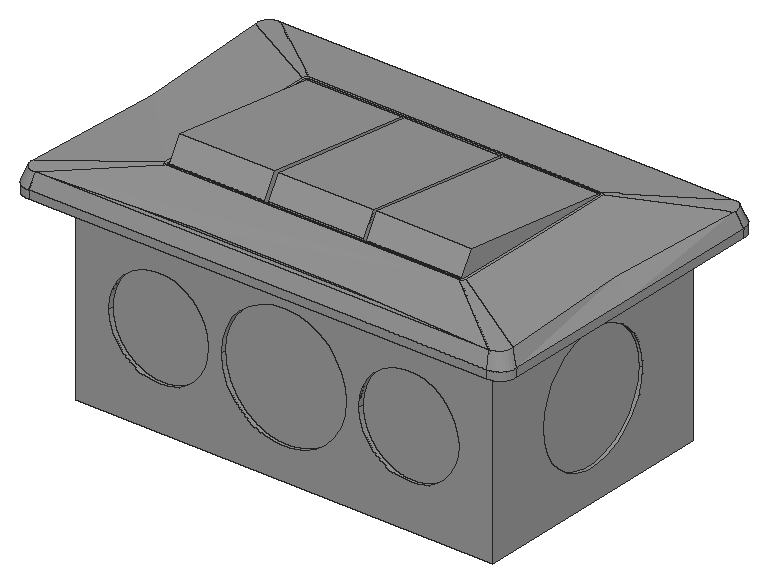
Revit family "PLACA VETO OSLO", category Electrical Fixtures, host Face, Revit 2023 (continued)
Nested families
  nested 38: "SIMBOLO TIMBRE" at (-279, 0, 155.811) x (0, -1, 0) z (1, 0, 0), visible <- "SIMB TIMBRE", type "SIMBOLO TIMBRE", detail levels coarse
  nested 39: "SIMBOLO INTERRUPTOR - MEXICO" at (279, 0, 0), visible <- "INT SIMB TRIPLE MEX", type "SIMBOLO INTERRUPTOR - MEXICO", detail levels coarse
  nested 40: "SIMBOLO INTERRUPTOR - MEXICO" at (-279, 0, 0), visible <- "INT SIMB DOBLE MEX", type "SIMBOLO INTERRUPTOR - MEXICO", detail levels coarse
  nested 41: "SIMBOLO INTERRUPTOR - MEXICO" at (0, 0, 0), visible <- "INT SIMB SIMPLE MEX", type "SIMBOLO INTERRUPTOR - MEXICO", detail levels coarse
  nested 42: "SIMBOLO CONMUTADOR - MEXICO" at (0, 0, 0), visible <- "COM SIMB SIMPLE MEX", type "SIMBOLO CONMUTADOR - MEXICO", detail levels coarse
  nested 43: "SIMBOLO CONMUTADOR - MEXICO" at (279, 0, 0), visible <- "COM SIMB TRIPLE MEX", type "SIMBOLO CONMUTADOR - MEXICO", detail levels coarse
  nested 44: "SIMBOLO CONMUTADOR - MEXICO" at (-279, 0, 0), visible <- "COM SIMB DOBLE MEX", type "SIMBOLO CONMUTADOR - MEXICO", detail levels coarse
  nested 45: "SIMBOLO INTERRUPTOR - MEXICO" at (0, 0, 155.811) x (-1, 0, 0) z (0, -1, 0), visible <- "INT SIMB SIMPLE MEX", type "SIMBOLO INTERRUPTOR - MEXICO", detail levels coarse
  nested 46: "SIMBOLO INTERRUPTOR - MEXICO" at (-279, 0, 155.811) x (-1, 0, 0) z (0, -1, 0), visible <- "INT SIMB DOBLE MEX", type "SIMBOLO INTERRUPTOR - MEXICO", detail levels coarse
  nested 47: "SIMBOLO INTERRUPTOR - MEXICO" at (279, 0, 155.811) x (-1, 0, 0) z (0, -1, 0), visible <- "INT SIMB TRIPLE MEX", type "SIMBOLO INTERRUPTOR - MEXICO", detail levels coarse
  nested 48: "SIMBOLO CONMUTADOR - MEXICO" at (-279, 0, 155.811) x (-1, 0, 0) z (0, -1, 0), visible <- "COM SIMB DOBLE MEX", type "SIMBOLO CONMUTADOR - MEXICO", detail levels coarse
  nested 49: "SIMBOLO CONMUTADOR - MEXICO" at (0, 0, 155.811) x (-1, 0, 0) z (0, -1, 0), visible <- "COM SIMB SIMPLE MEX", type "SIMBOLO CONMUTADOR - MEXICO", detail levels coarse
  nested 50: "SIMBOLO CONMUTADOR - MEXICO" at (279, 0, 155.811) x (-1, 0, 0) z (0, -1, 0), visible <- "COM SIMB TRIPLE MEX", type "SIMBOLO CONMUTADOR - MEXICO", detail levels coarse
  nested 51: "SIMBOLO CONMUTADOR - MEXICO" at (-279, 218, 155.811) x (0, 1, 0) z (1, 0, 0), visible <- "COM SIMB TRIPLE MEX", type "SIMBOLO CONMUTADOR - MEXICO", detail levels coarse
  nested 52: "SIMBOLO CONMUTADOR - MEXICO" at (-279, -218, 155.811) x (0, 1, 0) z (1, 0, 0), visible <- "COM SIMB DOBLE MEX", type "SIMBOLO CONMUTADOR - MEXICO", detail levels coarse
  nested 53: "SIMBOLO CONMUTADOR - MEXICO" at (-279, 0, 155.811) x (0, 1, 0) z (1, 0, 0), visible <- "COM SIMB SIMPLE MEX", type "SIMBOLO CONMUTADOR - MEXICO", detail levels coarse
  nested 54: "SIMBOLO INTERRUPTOR - MEXICO" at (-279, 218, 155.811) x (0, 1, 0) z (1, 0, 0), visible <- "INT SIMB TRIPLE MEX", type "SIMBOLO INTERRUPTOR - MEXICO", detail levels coarse
  nested 55: "SIMBOLO INTERRUPTOR - MEXICO" at (-279, -218, 155.811) x (0, 1, 0) z (1, 0, 0), visible <- "INT SIMB DOBLE MEX", type "SIMBOLO INTERRUPTOR - MEXICO", detail levels coarse
  nested 56: "SIMBOLO INTERRUPTOR - MEXICO" at (-279, 0, 155.811) x (0, 1, 0) z (1, 0, 0), visible <- "INT SIMB SIMPLE MEX", type "SIMBOLO INTERRUPTOR - MEXICO", detail levels coarse
  nested 57: "SIMBOLO TIMBRE MEXICO" at (0, 0, 0), visible <- "SIMB TIMBRE MEX", type "SIMBOLO TIMBRE MEXICO", detail levels coarse
  nested 58: "SIMBOLO TIMBRE MEXICO" at (-279, 0, 155.811) x (0, 1, 0) z (1, 0, 0), visible <- "SIMB TIMBRE MEX", type "SIMBOLO TIMBRE MEXICO", detail levels coarse
  nested 59: "SIMBOLO TIMBRE MEXICO" at (0, 0, 155.811) x (-1, 0, 0) z (0, -1, 0), visible <- "SIMB TIMBRE MEX", type "SIMBOLO TIMBRE MEXICO", detail levels coarse
  nested 60: "TOMACORRIENTES DOBLE" at (0, 0, 0), visible <- "TOMA DOBLE", type "TOMACORRIENTES DOBLE", detail levels medium+fine
  nested 61: "SIMBOLO TOMACORRIENTE PISO" at (0, 0, 8), visible <- "TOMA SIMB PISO", type "SIMBOLO TOMACORRIENTE PISO", detail levels coarse
  nested 62: "SIMBOLO TOMACORRIENTE PARED - COLOMBIA" at (0, 0, 8), visible <- "TOMA SIMB PARED COL", type "SIMBOLO TOMACORRIENTE PARED - COLOMBIA", detail levels coarse
  nested 63: "SIMBOLO TOMACORRIENTE PARED - COLOMBIA" at (0, -29, 155.811) x (1, 0, 0) z (0, -1, 0), visible <- "TOMA SIMB PARED COL", type "SIMBOLO TOMACORRIENTE PARED - COLOMBIA", detail levels coarse
  nested 64: "SIMBOLO TOMACORRIENTE PISO" at (0, -29, 108) x (1, 0, 0) z (0, -1, 0), visible <- "TOMACORRIENTE EN PISO", type "SIMBOLO TOMACORRIENTE PISO", detail levels coarse
  nested 65: "SIMBOLO TOMACORRIENTE PISO" at (0, 0, 155.811) x (0, 0, 1) z (1, 0, 0), visible <- "TOMACORRIENTE EN PISO", type "SIMBOLO TOMACORRIENTE PISO", detail levels coarse
  nested 66: "SIMBOLO TOMACORRIENTE PARED - COLOMBIA" at (0, 0, 155.811) x (0, 0, -1) z (1, 0, 0), visible <- "TOMA SIMB PARED COL", type "SIMBOLO TOMACORRIENTE PARED - COLOMBIA", detail levels coarse
  nested 67: "TOMACORRIENTES SIMPLE" at (-17.75, 0, 0), visible <- "PLACA MIXTA TOMA", type "TOMACORRIENTES SIMPLE", detail levels medium+fine
    with MATERIAL_2 PLASTICO NEGRO, MATERIAL_1 PLASTICO BLANCO
  nested 68: "TOMACORRIENTES GFCI" at (0, 0, 0), visible <- "TOMA GFCI", type "TOMACORRIENTES GFCI", detail levels medium+fine
    with MATERIAL_2 TERMOPOLIMERO NEGRO, MATERIAL_1 TERMOPOLIMERO BLANCO
  nested 69: "SIMBOLO CONMUTADOR - COLOMBIA" at (-419, 0, 0), visible <- "COM SIMB DOBLE COL", type "SIMBOLO CONMUTADOR - COLOMBIA", detail levels coarse
  nested 70: "SIMBOLO CONMUTADOR TRIPLE - ECUADOR" at (0, 0, 0), visible <- "COM SIMB TRIPLE ECU", type "SIMBOLO CONMUTADOR TRIPLE - ECUADOR", detail levels coarse
  nested 71: "SIMBOLO CONMUTADOR DOBLE - ECUADOR" at (0, 0, 0), visible <- "COM SIMB DOBLE ECU", type "SIMBOLO CONMUTADOR DOBLE - ECUADOR", detail levels coarse
  nested 72: "SIMBOLO CONMUTADOR SIMPLE - ECUADOR" at (0, 0, 0), visible <- "COM SIMB SIMPLE ECU", type "SIMBOLO CONMUTADOR SIMPLE - ECUADOR", detail levels coarse
  nested 73: "SIMBOLO CONMUTADOR TRIPLE - ECUADOR" at (0, 0, 155.811) x (1, 0, 0) z (0, -1, 0), visible <- "COM SIMB TRIPLE ECU", type "SIMBOLO CONMUTADOR TRIPLE - ECUADOR", detail levels coarse
  nested 74: "SIMBOLO CONMUTADOR SIMPLE - ECUADOR" at (0, 0, 155.811) x (1, 0, 0) z (0, -1, 0), visible <- "COM SIMB SIMPLE ECU", type "SIMBOLO CONMUTADOR SIMPLE - ECUADOR", detail levels coarse
  nested 75: "SIMBOLO CONMUTADOR DOBLE - ECUADOR" at (0, 0, 155.811) x (1, 0, 0) z (0, -1, 0), visible <- "COM SIMB DOBLE ECU", type "SIMBOLO CONMUTADOR DOBLE - ECUADOR", detail levels coarse
  nested 76: "SIMBOLO CONMUTADOR DOBLE - ECUADOR" at (0, 0, 155.811) x (0, 1, 0) z (1, 0, 0), visible <- "COM SIMB DOBLE ECU", type "SIMBOLO CONMUTADOR DOBLE - ECUADOR", detail levels coarse
  nested 77: "SIMBOLO CONMUTADOR SIMPLE - ECUADOR" at (0, 0, 155.811) x (0, 1, 0) z (1, 0, 0), visible <- "COM SIMB SIMPLE ECU", type "SIMBOLO CONMUTADOR SIMPLE - ECUADOR", detail levels coarse
  nested 78: "SIMBOLO CONMUTADOR TRIPLE - ECUADOR" at (0, 0, 155.811) x (0, 1, 0) z (1, 0, 0), visible <- "COM SIMB TRIPLE ECU", type "SIMBOLO CONMUTADOR TRIPLE - ECUADOR", detail levels coarse
  nested 79: "SIMBOLO TOMACORRIENTE PARED - ECUADOR" at (0, 0, 0), visible <- "TOMA SIMB PARED ECU", type "SIMBOLO TOMACORRIENTE PARED - ECUADOR", detail levels coarse
  nested 80: "SIMBOLO TOMACORRIENTE PARED - ECUADOR" at (0, -30, 155.811) x (1, 0, 0) z (0, -1, 0), visible <- "TOMA SIMB PARED ECU", type "SIMBOLO TOMACORRIENTE PARED - ECUADOR", detail levels coarse
  nested 81: "SIMBOLO TOMACORRIENTE PARED - ECUADOR" at (50, 0, 155.811) x (0, 0, -1) z (1, 0, 0), visible <- "TOMA SIMB PARED ECU", type "SIMBOLO TOMACORRIENTE PARED - ECUADOR", detail levels coarse
  nested 82: "SIMBOLO INTERRUPTOR SIMPLE" at (279, 0, 8), visible <- "INT SIMB MIXTO ECU", type "SIMBOLO INTERRUPTOR SIMPLE", detail levels coarse
  nested 83: "SIMBOLO INTERRUPTOR SIMPLE" at (-279, -30, 155.811) x (-1, 0, 0) z (0, -1, 0), visible <- "INT SIMB MIXTO ECU", type "SIMBOLO INTERRUPTOR SIMPLE", detail levels coarse
  nested 84: "SIMBOLO INTERRUPTOR SIMPLE" at (1219.2, 218, 155.811) x (0, 1, 0) z (1, 0, 0), visible <- "INT SIMB MIXTO ECU", type "SIMBOLO INTERRUPTOR SIMPLE", detail levels coarse
  nested 85: "SIMBOLO TOMACORRIENTE PARED - MEXICO" at (0, 0, 0), visible <- "TOMA SIMB PARED MEX", type "SIMBOLO TOMACORRIENTE PARED - MEXICO", detail levels coarse
  nested 86: "SIMBOLO TOMACORRIENTE PISO - MEXICO" at (0, 0, 0), visible <- "TOMA SIMB PISO MEX", type "SIMBOLO TOMACORRIENTE PISO - MEXICO", detail levels coarse
    with lado 213.218 mm
  nested 87: "SIMBOLO TOMA GFCI PARED - MEXICO" at (0, 0, 0), visible <- "TOMA GFCI SIMB PARED MEX", type "SIMBOLO TOMA GFCI PARED - MEXICO", detail levels coarse
  nested 88: "SIMBOLO TOMA SIMPLE PARED - MEXICO" at (0, 0, 0), visible <- "TOMA MIXTO SIMB PARED MEX", type "SIMBOLO TOMA SIMPLE PARED - MEXICO", detail levels coarse
  nested 89: "SIMBOLO TOMACORRIENTE PISO - MEXICO" at (0, 0, 155.811) x (1, 0, 0) z (0, -1, 0), visible <- "TOMA SIMB PISO MEX", type "SIMBOLO TOMACORRIENTE PISO - MEXICO", detail levels coarse
    with lado 213.218 mm
  nested 90: "SIMBOLO TOMACORRIENTE PARED - MEXICO" at (0, 0, 155.811) x (1, 0, 0) z (0, -1, 0), visible <- "TOMA SIMB PARED MEX", type "SIMBOLO TOMACORRIENTE PARED - MEXICO", detail levels coarse
  nested 91: "SIMBOLO TOMA SIMPLE PARED - MEXICO" at (0, 0, 155.811) x (1, 0, 0) z (0, -1, 0), visible <- "TOMA MIXTO SIMB PARED MEX", type "SIMBOLO TOMA SIMPLE PARED - MEXICO", detail levels coarse
  nested 92: "SIMBOLO TOMA GFCI PARED - MEXICO" at (0, 0, 155.811) x (1, 0, 0) z (0, -1, 0), visible <- "TOMA GFCI SIMB PARED MEX", type "SIMBOLO TOMA GFCI PARED - MEXICO", detail levels coarse
  nested 93: "SIMBOLO TOMA GFCI PARED - MEXICO" at (0, 0, 155.811) x (0, 0, -1) z (1, 0, 0), visible <- "TOMA GFCI SIMB PARED MEX", type "SIMBOLO TOMA GFCI PARED - MEXICO", detail levels coarse
  nested 94: "SIMBOLO TOMA SIMPLE PARED - MEXICO" at (0, 0, 155.811) x (0, 0, -1) z (1, 0, 0), visible <- "TOMA MIXTO SIMB PARED MEX", type "SIMBOLO TOMA SIMPLE PARED - MEXICO", detail levels coarse
  nested 95: "SIMBOLO TOMACORRIENTE PARED - MEXICO" at (0, 0, 155.811) x (0, 0, -1) z (1, 0, 0), visible <- "TOMA SIMB PARED MEX", type "SIMBOLO TOMACORRIENTE PARED - MEXICO", detail levels coarse
  nested 96: "SIMBOLO TOMACORRIENTE PISO - MEXICO" at (0, 0, 155.811) x (0, 1, 0) z (1, 0, 0), visible <- "TOMA SIMB PISO MEX", type "SIMBOLO TOMACORRIENTE PISO - MEXICO", detail levels coarse
    with lado 213.218 mm
  nested 97: "SIMBOLO TOMACORRIENTE PARED - MEXICO" at (0, 0, 0), visible <- "TOMAROT SIMB PARED MEX", type "SIMBOLO TOMACORRIENTE PARED - MEXICO"
  nested 98: "SIMBOLO TOMA GFCI PARED - MEXICO" at (0, 0, 0), visible <- "TOMAROT GFCI SIMB PARED MEX", type "SIMBOLO TOMA GFCI PARED - MEXICO"
  nested 99: "SIMBOLO TOMACORRIENTE PARED - MEXICO" at (0, 0, 155.811) x (0, 0, -1) z (1, 0, 0), visible <- "TOMAROT SIMB PARED MEX", type "SIMBOLO TOMACORRIENTE PARED - MEXICO", detail levels coarse
  nested 100: "SIMBOLO TOMA GFCI PARED - MEXICO" at (0, 0, 155.811) x (0, 0, -1) z (1, 0, 0), visible <- "TOMAROT GFCI SIMB PARED MEX", type "SIMBOLO TOMA GFCI PARED - MEXICO", detail levels coarse
  nested 101: "SIMBOLO TOMACORRIENTE PARED - COLOMBIA" at (0, 0, 0), visible <- "TOMAROT SIMB PARED COL", type "SIMBOLO TOMACORRIENTE PARED - COLOMBIA", detail levels coarse
  nested 102: "SIMBOLO TOMACORRIENTE PARED - COLOMBIA" at (0, 0, 155.811) x (0, 0, -1) z (1, 0, 0), visible <- "TOMAROT SIMB PARED COL", type "SIMBOLO TOMACORRIENTE PARED - COLOMBIA", detail levels coarse
  nested 103: "TELEFONO" at (0, 0, 0), visible <- "TELEFONO", type "TELEFONO", detail levels medium+fine
    with MATERIAL_2 TERMOPOLIMERO NEGRO, MATERIAL_1 TERMOPOLIMERO BLANCO
  nested 104: "TV" at (0, 0, 0), visible <- "TV", type "TV", detail levels medium+fine
    with MATERIAL_2 TERMOPOLIMERO NEGRO, MATERIAL_1 TERMOPOLIMERO BLANCO
  nested 105: "ZUMBADOR" at (0, 0, 0), visible <- "ZUMBADOR", type "ZUMBADOR", detail levels medium+fine
    with MATERIAL_2 TERMOPOLIMERO NEGRO, MATERIAL_1 TERMOPOLIMERO BLANCO
  nested 106: "SIMBOLO ZUMBADOR" at (0, 0, 0), visible <- "ZUMBADOR", type "SIMBOLO ZUMBADOR", detail levels coarse
  nested 107: "SIMBOLO ZUMBADOR" at (-279, 0, 155.811) x (0, 1, 0) z (1, 0, 0), visible <- "ZUMBADOR", type "SIMBOLO ZUMBADOR", detail levels coarse
  nested 108: "SIMBOLO ZUMBADOR" at (0, 0, 155.811) x (1, 0, 0) z (0, -1, 0), visible <- "ZUMBADOR", type "SIMBOLO ZUMBADOR", detail levels coarse
  nested 109: "SIMBOLO TELEFONO - MEXICO" at (0, 0, 0), visible <- "TELF SIMB MEX", type "SIMBOLO TELEFONO - MEXICO", detail levels coarse
  nested 110: "SIMBOLO TELEFONO - COLOMBIA" at (-279, 0, 155.811) x (0, 0, -1) z (1, 0, 0), visible <- "TELF SIMB COL", type "SIMBOLO TELEFONO - COLOMBIA", detail levels coarse
  nested 111: "SIMBOLO TELEFONO - ECUADOR" at (-279, -100, 155.811) x (0, 0, -1) z (1, 0, 0), visible <- "TELF SIMB ECU", type "SIMBOLO TELEFONO - ECUADOR", detail levels coarse
  nested 112: "SIMBOLO TELEFONO - MEXICO" at (-279, 0, 155.811) x (0, 0, -1) z (1, 0, 0), visible <- "TELF SIMB MEX", type "SIMBOLO TELEFONO - MEXICO", detail levels coarse
  nested 113: "SIMBOLO TELEFONO - ECUADOR" at (-279, -100, 155.811) x (0, 0, -1) z (1, 0, 0), visible <- "TELFROT SIMB ECU", type "SIMBOLO TELEFONO - ECUADOR", detail levels coarse
  nested 114: "SIMBOLO TELEFONO - COLOMBIA" at (-279, 0, 155.811) x (0, 0, -1) z (1, 0, 0), visible <- "TELFROT SIMB COL", type "SIMBOLO TELEFONO - COLOMBIA", detail levels coarse
  nested 115: "SIMBOLO TELEFONO - MEXICO" at (0, 0, 155.811) x (1, 0, 0) z (0, -1, 0), visible <- "TELF SIMB MEX", type "SIMBOLO TELEFONO - MEXICO", detail levels coarse
  nested 116: "SIMBOLO TELEFONO - ECUADOR" at (0, -100, 155.811) x (0, 0, 1) z (1, 0, 0), visible <- "TEL ESP SIMB ECU", type "SIMBOLO TELEFONO - ECUADOR", detail levels coarse
  nested 117: "SIMBOLO TELEFONO - COLOMBIA" at (0, 0, 155.811) x (0, 0, 1) z (1, 0, 0), visible <- "TELF ESP SIMB COL", type "SIMBOLO TELEFONO - COLOMBIA", detail levels coarse
  nested 118: "SIMBOLO TELEFONO - COLOMBIA" at (0, 0, 155.811) x (0, 0, 1) z (1, 0, 0), visible <- "TELF ROTESP SIMB COL", type "SIMBOLO TELEFONO - COLOMBIA", detail levels coarse
  nested 119: "SIMBOLO TELEFONO - ECUADOR" at (0, -100, 155.811) x (0, 0, 1) z (1, 0, 0), visible <- "TELF ROTESP SIMB ECU", type "SIMBOLO TELEFONO - ECUADOR", detail levels coarse
  nested 120: "SIMBOLO TV - COLOMBIA" at (0, 0, 0), visible <- "TV SIMB COL", type "SIMBOLO TV - COLOMBIA", detail levels coarse
  nested 121: "SIMBOLO TV - ECUADOR" at (0, 0, 0), visible <- "TV SIMB ECU", type "SIMBOLO TV - ECUADOR", detail levels coarse
  nested 122: "SIMBOLO TV - MEXICO" at (0, 0, 0), visible <- "TV SIMB MEX", built-in parameter 1006206 <- "TV SIMB MEX", type "SIMBOLO TV - MEXICO", detail levels coarse
  nested 123: "SIMBOLO TV - COLOMBIA" at (0, 0, 0), built-in parameter 1006206 <- "TVROT SIMB COL", visible <- "TVROT SIMB COL", type "SIMBOLO TV - COLOMBIA", detail levels coarse
  nested 124: "SIMBOLO TV - ECUADOR" at (0, 0, 0), visible <- "TVROT SIMB ECU", type "SIMBOLO TV - ECUADOR", detail levels coarse
  nested 125: "SIMBOLO TV - MEXICO" at (0, 0, 0), visible <- "TVROT SIMB MEX", type "SIMBOLO TV - MEXICO", detail levels coarse
  nested 126: "SIMBOLO TV - COLOMBIA" at (0, 0, 0), visible <- "TVESP SIMB COL", type "SIMBOLO TV - COLOMBIA", detail levels coarse
  nested 127: "SIMBOLO TV - ECUADOR" at (0, 0, 0), built-in parameter 1006206 <- "TVESP SIMB ECU", visible <- "TVESP SIMB ECU", type "SIMBOLO TV - ECUADOR", detail levels coarse
  nested 128: "SIMBOLO TV - MEXICO" at (0, 0, 0), visible <- "TVESP SIMB MEX", type "SIMBOLO TV - MEXICO", detail levels coarse
  nested 129: "SIMBOLO TV - COLOMBIA" at (0, 0, 0), visible <- "TV ROTESP SIMB COL", type "SIMBOLO TV - COLOMBIA", detail levels coarse
  nested 130: "SIMBOLO TV - ECUADOR" at (0, 0, 0), visible <- "TV ROTESP SIMB ECU", type "SIMBOLO TV - ECUADOR", detail levels coarse
  nested 131: "SIMBOLO TV - MEXICO" at (0, 0, 0), visible <- "TV ROTESP SIMB MEX", type "SIMBOLO TV - MEXICO", detail levels coarse
  nested 132: "SIMBOLO TV - COLOMBIA" at (0, 0, 155.811) x (0, 0, -1) z (1, 0, 0), visible <- "TV SIMB COL", type "SIMBOLO TV - COLOMBIA", detail levels coarse
  nested 133: "SIMBOLO TV - COLOMBIA" at (0, 0, 155.811) x (0, 0, -1) z (1, 0, 0), visible <- "TVROT SIMB COL", type "SIMBOLO TV - COLOMBIA", detail levels coarse
  nested 134: "SIMBOLO TV - ECUADOR" at (0, 0, 155.811) x (0, 0, -1) z (1, 0, 0), visible <- "TV SIMB ECU", type "SIMBOLO TV - ECUADOR", detail levels coarse
  nested 135: "SIMBOLO TV - ECUADOR" at (0, 0, 155.811) x (0, 0, -1) z (1, 0, 0), visible <- "TVROT SIMB ECU", type "SIMBOLO TV - ECUADOR", detail levels coarse
  nested 136: "SIMBOLO TV - MEXICO" at (0, 0, 155.811) x (0, 0, -1) z (1, 0, 0), visible <- "TV SIMB MEX", type "SIMBOLO TV - MEXICO", detail levels coarse
  nested 137: "SIMBOLO TV - MEXICO" at (0, 0, 155.811) x (0, 0, -1) z (1, 0, 0), visible <- "TVROT SIMB MEX", type "SIMBOLO TV - MEXICO", detail levels coarse
  nested 138: "SIMBOLO TV - ECUADOR" at (0, 0, 155.811) x (0, 0, 1) z (1, 0, 0), visible <- "TVESP SIMB ECU", type "SIMBOLO TV - ECUADOR", detail levels coarse
  nested 139: "SIMBOLO TV - COLOMBIA" at (0, 0, 155.811) x (0, 0, 1) z (1, 0, 0), visible <- "TVESP SIMB COL", type "SIMBOLO TV - COLOMBIA", detail levels coarse
  nested 140: "SIMBOLO TV - MEXICO" at (0, 0, 155.811) x (0, 0, 1) z (1, 0, 0), visible <- "TVESP SIMB MEX", type "SIMBOLO TV - MEXICO", detail levels coarse
  nested 141: "SIMBOLO TV - COLOMBIA" at (0, 0, 155.811) x (0, 0, 1) z (1, 0, 0), visible <- "TV ROTESP SIMB COL", type "SIMBOLO TV - COLOMBIA", detail levels coarse
  nested 142: "SIMBOLO TV - ECUADOR" at (0, 0, 155.811) x (0, 0, 1) z (1, 0, 0), visible <- "TV ROTESP SIMB ECU", type "SIMBOLO TV - ECUADOR", detail levels coarse
  nested 143: "SIMBOLO TV - MEXICO" at (0, 0, 155.811) x (0, 0, 1) z (1, 0, 0), visible <- "TV ROTESP SIMB MEX", type "SIMBOLO TV - MEXICO", detail levels coarse
  nested 144: "SIMBOLO CAJA DE PASO - MEXICO" at (0, 0, 0), visible <- "SIMB CAJA MEX", type "SIMBOLO CAJA DE PASO - MEXICO", detail levels coarse
  nested 145: "SIMBOLO CAJA DE PASO" at (0, 0, 0), visible <- "SIMB CAJA", type "SIMBOLO CAJA DE PASO", detail levels coarse
  nested 146: "SIMBOLO CAJA DE PASO" at (0, 0, 155.811) x (1, 0, 0) z (0, -1, 0), visible <- "SIMB CAJA", type "SIMBOLO CAJA DE PASO", detail levels coarse
  nested 147: "SIMBOLO CAJA DE PASO - MEXICO" at (0, 0, 155.811) x (1, 0, 0) z (0, -1, 0), visible <- "SIMB CAJA MEX", type "SIMBOLO CAJA DE PASO - MEXICO", detail levels coarse
  nested 148: "SIMBOLO CAJA DE PASO" at (0, 0, 155.811) x (0, 1, 0) z (1, 0, 0), visible <- "SIMB CAJA", type "SIMBOLO CAJA DE PASO", detail levels coarse
  nested 149: "SIMBOLO CAJA DE PASO - MEXICO" at (0, 0, 155.811) x (0, 1, 0) z (1, 0, 0), visible <- "SIMB CAJA MEX", type "SIMBOLO CAJA DE PASO - MEXICO", detail levels coarse
  nested 150: "SIMBOLO TV - ECUADOR" at (0, 0, 155.811) x (1, 0, 0) z (0, -1, 0), visible <- "TV SIMB ECU", type "SIMBOLO TV - ECUADOR", detail levels coarse
  nested 151: "SIMBOLO TV - ECUADOR" at (0, 0, 155.811) x (1, 0, 0) z (0, -1, 0), visible <- "TVESP SIMB ECU", type "SIMBOLO TV - ECUADOR", detail levels coarse
  nested 152: "SIMBOLO TV - COLOMBIA" at (0, 0, 155.811) x (1, 0, 0) z (0, -1, 0), visible <- "TV SIMB COL", type "SIMBOLO TV - COLOMBIA", detail levels coarse
  nested 153: "SIMBOLO TV - COLOMBIA" at (0, 0, 155.811) x (1, 0, 0) z (0, -1, 0), visible <- "TVESP SIMB COL", type "SIMBOLO TV - COLOMBIA", detail levels coarse
  nested 154: "SIMBOLO TELEFONO - COLOMBIA" at (0, 0, 155.811) x (1, 0, 0) z (0, -1, 0), visible <- "TELF SIMB COL", type "SIMBOLO TELEFONO - COLOMBIA", detail levels coarse
  nested 155: "SIMBOLO TELEFONO - COLOMBIA" at (0, 0, 155.811) x (1, 0, 0) z (0, -1, 0), visible <- "TELF ESP SIMB COL", type "SIMBOLO TELEFONO - COLOMBIA", detail levels coarse
  nested 156: "SIMBOLO TELEFONO - ECUADOR" at (0, 0, 55.811) x (1, 0, 0) z (0, -1, 0), visible <- "TELF SIMB ECU", type "SIMBOLO TELEFONO - ECUADOR", detail levels coarse
  nested 157: "SIMBOLO TELEFONO - ECUADOR" at (0, 0, 55.811) x (1, 0, 0) z (0, -1, 0), visible <- "TEL ESP SIMB ECU", type "SIMBOLO TELEFONO - ECUADOR", detail levels coarse
  nested 158: "SIMBOLO TELEFONO - COLOMBIA" at (0, 0, 155.811) x (1, 0, 0) z (0, -1, 0), visible <- "TELFROT SIMB COL", type "SIMBOLO TELEFONO - COLOMBIA", detail levels coarse
  nested 159: "SIMBOLO TELEFONO - ECUADOR" at (0, 0, 255.811) x (1, 0, 0) z (0, -1, 0), visible <- "TELFROT SIMB ECU", type "SIMBOLO TELEFONO - ECUADOR", detail levels coarse
  nested 160: "SIMBOLO TV - ECUADOR" at (0, 0, 155.811) x (1, 0, 0) z (0, -1, 0), visible <- "TVROT SIMB ECU", type "SIMBOLO TV - ECUADOR", detail levels coarse
  nested 161: "SIMBOLO TV - COLOMBIA" at (0, 0, 155.811) x (1, 0, 0) z (0, -1, 0), visible <- "TVROT SIMB COL", type "SIMBOLO TV - COLOMBIA", detail levels coarse
  nested 162: "SIMBOLO TELEFONO - ECUADOR" at (0, 0, 255.811) x (1, 0, 0) z (0, -1, 0), visible <- "TELF ROTESP SIMB ECU", type "SIMBOLO TELEFONO - ECUADOR", detail levels coarse
  nested 163: "SIMBOLO TELEFONO - COLOMBIA" at (0, 0, 155.811) x (1, 0, 0) z (0, -1, 0), visible <- "TELF ROTESP SIMB COL", type "SIMBOLO TELEFONO - COLOMBIA", detail levels coarse
  nested 164: "SIMBOLO TV - COLOMBIA" at (0, 0, 155.811) x (1, 0, 0) z (0, -1, 0), visible <- "TV ROTESP SIMB COL", type "SIMBOLO TV - COLOMBIA", detail levels coarse
  nested 165: "SIMBOLO TV - ECUADOR" at (0, 0, 155.811) x (1, 0, 0) z (0, -1, 0), visible <- "TV ROTESP SIMB ECU", type "SIMBOLO TV - ECUADOR", detail levels coarse
  nested 166: "SIMBOLO TV - MEXICO" at (0, 0, 155.811) x (1, 0, 0) z (0, -1, 0), visible <- "TV SIMB MEX", type "SIMBOLO TV - MEXICO", detail levels coarse
  nested 167: "SIMBOLO TV - MEXICO" at (0, 0, 155.811) x (1, 0, 0) z (0, -1, 0), visible <- "TVESP SIMB MEX", type "SIMBOLO TV - MEXICO", detail levels coarse
  nested 168: "SIMBOLO TV - MEXICO" at (0, 0, 155.811) x (1, 0, 0) z (0, -1, 0), visible <- "TVROT SIMB MEX", type "SIMBOLO TV - MEXICO", detail levels coarse
  nested 169: "SIMBOLO TV - MEXICO" at (0, 0, 155.811) x (1, 0, 0) z (0, -1, 0), visible <- "TV ROTESP SIMB MEX", type "SIMBOLO TV - MEXICO", detail levels coarse
  nested 170: "SIMBOLO TELEFONO - COLOMBIA" at (0, 0, 0), visible <- "TELFROT SIMB COL", type "SIMBOLO TELEFONO - COLOMBIA", detail levels coarse
  nested 171: "SIMBOLO TELEFONO - COLOMBIA" at (0, 0, 0), visible <- "TELF SIMB COL", type "SIMBOLO TELEFONO - COLOMBIA", detail levels coarse
  nested 172: "SIMBOLO TELEFONO - COLOMBIA" at (0, 0, 0), visible <- "TELF ESP SIMB COL", type "SIMBOLO TELEFONO - COLOMBIA", detail levels coarse
  nested 173: "SIMBOLO TELEFONO - COLOMBIA" at (0, 0, 0), visible <- "TELF ROTESP SIMB COL", type "SIMBOLO TELEFONO - COLOMBIA", detail levels coarse
  nested 174: "SIMBOLO TELEFONO - ECUADOR" at (0, -100, 0), visible <- "TELF SIMB ECU", type "SIMBOLO TELEFONO - ECUADOR", detail levels coarse
  nested 175: "SIMBOLO TELEFONO - ECUADOR" at (0, -100, 0), visible <- "TELFROT SIMB ECU", type "SIMBOLO TELEFONO - ECUADOR", detail levels coarse
  nested 176: "SIMBOLO TELEFONO - ECUADOR" at (0, -100, 0), visible <- "TEL ESP SIMB ECU", type "SIMBOLO TELEFONO - ECUADOR", detail levels coarse
  nested 177: "SIMBOLO TELEFONO - ECUADOR" at (0, -100, 0), visible <- "TELF ROTESP SIMB ECU", type "SIMBOLO TELEFONO - ECUADOR", detail levels coarse
  nested 178: "SIMBOLO TOMACORRIENTE PARED - MEXICO" at (0, 0, 155.811) x (1, 0, 0) z (0, -1, 0), visible <- "TOMAROT SIMB PARED MEX", type "SIMBOLO TOMACORRIENTE PARED - MEXICO", detail levels coarse
  nested 179: "SIMBOLO TOMACORRIENTE PARED - COLOMBIA" at (0, 0, 155.811) x (1, 0, 0) z (0, -1, 0), visible <- "TOMAROT SIMB PARED COL", type "SIMBOLO TOMACORRIENTE PARED - COLOMBIA", detail levels coarse
  nested 180: "SIMBOLO TOMA GFCI PARED - MEXICO" at (0, 0, 155.811) x (1, 0, 0) z (0, -1, 0), visible <- "TOMAROT GFCI SIMB PARED MEX", type "SIMBOLO TOMA GFCI PARED - MEXICO", detail levels coarse
Connectors
  cabletrayconduit at (-30, 29, -22.5), diameter 21, driven by "TUBERIA 1/2""
    settings: on cut or joined group of Extrusion 1, Extrusion 2, Extrusion 3, Extrusion 4, Extrusion 5, Extrusion 6, Extrusion 10, index 1, connector width 300.0 mm, connector height 300.0 mm, connector angle 0.00°, system type 32, placement type 0, profile type 0, connector reference index -1, is primary connector yes, connector utility param no, connector description ""
  cabletrayconduit at (30, 29, -22.5), diameter 21, driven by "TUBERIA 1/2""
    settings: on cut or joined group of Extrusion 1, Extrusion 2, Extrusion 3, Extrusion 4, Extrusion 5, Extrusion 6, Extrusion 10, index 2, connector width 300.0 mm, connector height 300.0 mm, connector angle 0.00°, system type 32, placement type 0, profile type 0, connector reference index -1, is primary connector no, connector utility param no, connector description ""
  cabletrayconduit at (30, -29, -22.5), diameter 21, driven by "TUBERIA 1/2""
    settings: on cut or joined group of Extrusion 1, Extrusion 2, Extrusion 3, Extrusion 4, Extrusion 5, Extrusion 6, Extrusion 10, index 3, connector width 300.0 mm, connector height 300.0 mm, connector angle 0.00°, system type 32, placement type 0, profile type 0, connector reference index -1, is primary connector no, connector utility param no, connector description ""
  cabletrayconduit at (-30, -29, -22.5), diameter 21, driven by "TUBERIA 1/2""
    settings: on cut or joined group of Extrusion 1, Extrusion 2, Extrusion 3, Extrusion 4, Extrusion 5, Extrusion 6, Extrusion 10, index 4, connector width 300.0 mm, connector height 300.0 mm, connector angle 0.00°, system type 32, placement type 0, profile type 0, connector reference index -1, is primary connector no, connector utility param no, connector description ""
  cabletrayconduit at (30, 0, -44), diameter 21, driven by "TUBERIA 1/2""
    settings: on cut or joined group of Extrusion 1, Extrusion 2, Extrusion 3, Extrusion 4, Extrusion 5, Extrusion 6, Extrusion 10, index 5, connector width 300.0 mm, connector height 300.0 mm, connector angle 0.00°, system type 32, placement type 0, profile type 0, connector reference index -1, is primary connector no, connector utility param no, connector description ""
  cabletrayconduit at (-30, 0, -44), diameter 21, driven by "TUBERIA 1/2""
    settings: on cut or joined group of Extrusion 1, Extrusion 2, Extrusion 3, Extrusion 4, Extrusion 5, Extrusion 6, Extrusion 10, index 6, connector width 300.0 mm, connector height 300.0 mm, connector angle 0.00°, system type 32, placement type 0, profile type 0, connector reference index -1, is primary connector no, connector utility param no, connector description ""
  cabletrayconduit at (-49, 0, -22.5), diameter 27, driven by "TUBERIA 3/4""
    settings: on cut or joined group of Extrusion 1, Extrusion 2, Extrusion 3, Extrusion 4, Extrusion 5, Extrusion 6, Extrusion 10, index 7, connector width 300.0 mm, connector height 300.0 mm, connector angle 0.00°, system type 32, placement type 0, profile type 0, connector reference index -1, is primary connector no, connector utility param no, connector description ""
  cabletrayconduit at (0, -29, -22.5), diameter 27, driven by "TUBERIA 3/4""
    settings: on cut or joined group of Extrusion 1, Extrusion 2, Extrusion 3, Extrusion 4, Extrusion 5, Extrusion 6, Extrusion 10, index 8, connector width 300.0 mm, connector height 300.0 mm, connector angle 0.00°, system type 32, placement type 0, profile type 0, connector reference index -1, is primary connector no, connector utility param no, connector description ""
  cabletrayconduit at (0, 29, -22.5), diameter 27, driven by "TUBERIA 3/4""
    settings: on cut or joined group of Extrusion 1, Extrusion 2, Extrusion 3, Extrusion 4, Extrusion 5, Extrusion 6, Extrusion 10, index 9, connector width 300.0 mm, connector height 300.0 mm, connector angle 0.00°, system type 32, placement type 0, profile type 0, connector reference index -1, is primary connector no, connector utility param no, connector description ""
  cabletrayconduit at (0, 0, -44), diameter 27, driven by "TUBERIA 3/4""
    settings: on cut or joined group of Extrusion 1, Extrusion 2, Extrusion 3, Extrusion 4, Extrusion 5, Extrusion 6, Extrusion 10, index 10, connector width 300.0 mm, connector height 300.0 mm, connector angle 0.00°, system type 32, placement type 0, profile type 0, connector reference index -1, is primary connector no, connector utility param no, connector description ""
  cabletrayconduit at (49, 0, -22.5), diameter 27, driven by "TUBERIA 3/4""
    settings: on cut or joined group of Extrusion 1, Extrusion 2, Extrusion 3, Extrusion 4, Extrusion 5, Extrusion 6, Extrusion 10, index 11, connector width 300.0 mm, connector height 300.0 mm, connector angle 0.00°, system type 32, placement type 0, profile type 0, connector reference index -1, is primary connector no, connector utility param no, connector description ""
Definition of nested family "CONECTOR DOBLE OSLO SERIES"
  Parameters (values of type "CONECTOR DOBLE OSLO SERIES")
    OFFSET = 1.0 mm
    MATERIAL_2 = none
    LONGITUD = 71.0 mm
    Default Elevation = 1219.2 mm
    ANCHO = 42.0 mm
    ANCHO CONECTOR = 9.0 mm
  Reference planes
    plane 1 "Center (Front/Back)": y = 0
    plane 2: z = 0
    plane 3 "Center (Left/Right)": x = 0
    plane 4: x = -35.5
    plane 5: x = 35.5
    plane 6: y = -21
    plane 7: y = 21
    plane 8: x = -32
    plane 9: x = 32
    plane 10: y = 19
    plane 11: y = -19
    plane 12: z = -11
    plane 13: y = 14.5
    plane 14: y = -14.5
    plane 15: x = -28.5
    plane 16: x = -19.5
    plane 17: x = -4.5
    plane 18: x = 4.5
    plane 19: x = 19.5
    plane 20: x = 28.5
    plane 21: z = -29
    plane 22: x = -0.5
    plane 23: x = 0.5
    plane 24: z = 13
    plane 25: z = 8
    plane 26: z = 1
  Forms (mm)
    Extrusion 1, solid, material <- "MATERIAL_2"
      sketch origin (0, 0, 0) x (1, 0, 0) y (0, 1, 0)
        loop
          line (-32, 19) -> (-32, -19) -> (32, -19) -> (32, 19) -> (-32, 19)
      from 0 to -11
    Extrusion 2, solid, material <- "MATERIAL_2"
      sketch origin (0, 0, 0) x (1, 0, 0) y (0, 1, 0)
        loop
          line (-28.5, 14.5) -> (-28.5, -14.5) -> (-19.5, -14.5) -> (-19.5, 14.5) -> (-28.5, 14.5)
        loop
          line (19.5, 14.5) -> (19.5, -14.5) -> (28.5, -14.5) -> (28.5, 14.5) -> (19.5, 14.5)
      from -11 to -29
    Extrusion 3, solid, material <- "MATERIAL_2"
      sketch origin (0, 0, 0) x (1, 0, 0) y (0, 1, 0)
        loop
          arc (-35, 21) -> (-35.354, 20.854) -> (-35.5, 20.5) r 0.5
          line (-35.5, 20.5) -> (-35.5, -20.5)
          arc (-35.5, -20.5) -> (-35.354, -20.854) -> (-35, -21) r 0.5
          line (-35, -21) -> (35, -21)
          arc (35, -21) -> (35.354, -20.854) -> (35.5, -20.5) r 0.5
          line (35.5, -20.5) -> (35.5, 20.5)
          arc (35.5, 20.5) -> (35.354, 20.854) -> (35, 21) r 0.5
          line (35, 21) -> (-35, 21)
      from 0 to 1
  Cuts and joins
    joined: Extrusion 1, Extrusion 2
  Dimensions and locks
    equal spacing: plane 4, plane 3 "Center (Left/Right)", plane 5
    equal spacing: plane 7, plane 1 "Center (Front/Back)", plane 6
    "ANCHO": plane 7 to plane 6
    "LONGITUD": plane 4 to plane 5
    equal spacing: plane 10, plane 1 "Center (Front/Back)", plane 11
    equal spacing: plane 8, plane 3 "Center (Left/Right)", plane 9
    equal spacing: plane 17, plane 3 "Center (Left/Right)", plane 18
    equal spacing: plane 15, plane 3 "Center (Left/Right)", plane 20
    equal spacing: plane 16, plane 3 "Center (Left/Right)", plane 19
    "ANCHO CONECTOR": plane 17 to plane 18
    "ANCHO CONECTOR": plane 15 to plane 16
    equal spacing: plane 13, plane 1 "Center (Front/Back)", plane 14
    equal spacing: plane 22, plane 3 "Center (Left/Right)", plane 23
    locked: plane 13 to plane 14 at 29
    locked: plane 8 to plane 9 at 64
    locked: plane 10 to plane 11 at 38
    locked: plane 16 to plane 17 at 15
    locked: plane 12 to plane 2 at 11
    locked: plane 21 to plane 12 at 18
    locked: plane 25 to plane 2 at 8
    locked: plane 24 to plane 25 at 5
    "OFFSET": plane 26 to plane 2
    radius of Extrusion 3 sketch curve = 0.5 mm  (x4)
    aligned and locked: level to plane 2
    aligned and locked: Extrusion 1 sketch curve to plane 10
    aligned and locked: plane 8 to Extrusion 1 sketch curve
    aligned and locked: Extrusion 1 sketch curve to plane 11
    aligned and locked: Extrusion 1 sketch curve to plane 9
    aligned and locked: plane 2 to Extrusion 1
    aligned and locked: Extrusion 1 to plane 12
    aligned and locked: Extrusion 2 sketch curve to plane 13  (x2)
    aligned and locked: plane 15 to Extrusion 2 sketch curve
    aligned and locked: plane 14 to Extrusion 2 sketch curve  (x2)
    aligned and locked: Extrusion 2 sketch curve to plane 16
    aligned and locked: plane 19 to Extrusion 2 sketch curve
    aligned and locked: Extrusion 2 sketch curve to plane 20
    aligned and locked: plane 12 to Extrusion 2
    aligned and locked: Extrusion 2 to plane 21
    aligned and locked: Extrusion 3 sketch curve to plane 7
    aligned and locked: plane 4 to Extrusion 3 sketch curve
    aligned and locked: plane 6 to Extrusion 3 sketch curve
    aligned and locked: Extrusion 3 sketch curve to plane 5
    aligned and locked: Extrusion 3 to plane 2
    aligned and locked: plane 26 to Extrusion 3
Definition of nested family "CONECTOR TRIPLE OSLO SERIES"
  Parameters (values of type "CONECTOR TRIPLE OSLO SERIES")
    SEP CONECTOR = 15.0 mm
    MATERIAL = none
    OFFSET = 1.0 mm
    LONGITUD = 71.0 mm
    Default Elevation = 0.0 mm
    ANCHO = 42.0 mm
    ANCHO CONECTOR = 9.0 mm
  Reference planes
    plane 1 "Center (Front/Back)": y = 0
    plane 2: z = 0
    plane 3 "Center (Left/Right)": x = 0
    plane 4: x = -35.5
    plane 5: x = 35.5
    plane 6: y = -21
    plane 7: y = 21
    plane 8: x = -32
    plane 9: x = 32
    plane 10: y = 19
    plane 11: y = -19
    plane 12: z = -11
    plane 13: y = 14.5
    plane 14: y = -14.5
    plane 15: x = -28.5
    plane 16: x = -19.5
    plane 17: x = -4.5
    plane 18: x = 4.5
    plane 19: x = 19.5
    plane 20: x = 28.5
    plane 21: z = -29
    plane 22: z = 13
    plane 23: z = 8
    plane 24: x = -12
    plane 25: z = 1
  Forms (mm)
    Extrusion 1, solid, material <- "MATERIAL"
      sketch origin (0, 0, 0) x (1, 0, 0) y (0, 1, 0)
        loop
          line (-32, 19) -> (-32, -19) -> (32, -19) -> (32, 19) -> (-32, 19)
      from 0 to -11
    Extrusion 2, solid, material <- "MATERIAL"
      sketch origin (0, 0, 0) x (1, 0, 0) y (0, 1, 0)
        loop
          line (-28.5, 14.5) -> (-28.5, -14.5) -> (-19.5, -14.5) -> (-19.5, 14.5) -> (-28.5, 14.5)
        loop
          line (-4.5, 14.5) -> (-4.5, -14.5) -> (4.5, -14.5) -> (4.5, 14.5) -> (-4.5, 14.5)
        loop
          line (19.5, 14.5) -> (19.5, -14.5) -> (28.5, -14.5) -> (28.5, 14.5) -> (19.5, 14.5)
      from -11 to -29
    Extrusion 3, solid, material <- "MATERIAL"
      sketch origin (0, 0, 0) x (1, 0, 0) y (0, 1, 0)
        loop
          arc (-35, 21) -> (-35.354, 20.854) -> (-35.5, 20.5) r 0.5
          line (-35.5, 20.5) -> (-35.5, -20.5)
          arc (-35.5, -20.5) -> (-35.354, -20.854) -> (-35, -21) r 0.5
          line (-35, -21) -> (35, -21)
          arc (35, -21) -> (35.354, -20.854) -> (35.5, -20.5) r 0.5
          line (35.5, -20.5) -> (35.5, 20.5)
          arc (35.5, 20.5) -> (35.354, 20.854) -> (35, 21) r 0.5
          line (35, 21) -> (-35, 21)
      from 0 to 1
  Cuts and joins
    joined: Extrusion 1, Extrusion 2
  Dimensions and locks
    equal spacing: plane 4, plane 3 "Center (Left/Right)", plane 5
    equal spacing: plane 7, plane 1 "Center (Front/Back)", plane 6
    "ANCHO": plane 7 to plane 6
    "LONGITUD": plane 4 to plane 5
    equal spacing: plane 10, plane 1 "Center (Front/Back)", plane 11
    equal spacing: plane 8, plane 3 "Center (Left/Right)", plane 9
    equal spacing: plane 17, plane 3 "Center (Left/Right)", plane 18
    "SEP CONECTOR": plane 16 to plane 17
    equal spacing: plane 15, plane 3 "Center (Left/Right)", plane 20
    equal spacing: plane 16, plane 3 "Center (Left/Right)", plane 19
    "ANCHO CONECTOR": plane 17 to plane 18
    "ANCHO CONECTOR": plane 15 to plane 16
    equal spacing: plane 13, plane 1 "Center (Front/Back)", plane 14
    locked: plane 13 to plane 14 at 29
    locked: plane 10 to plane 11 at 38
    locked: plane 8 to plane 9 at 64
    locked: plane 21 to plane 12 at 18
    locked: plane 12 to level at 11
    locked: plane 22 to plane 23 at 5
    locked: plane 23 to level at 8
    "OFFSET": plane 25 to plane 2
    radius of Extrusion 3 sketch curve = 0.5 mm  (x4)
    aligned and locked: level to plane 2
    aligned and locked: Extrusion 1 sketch curve to plane 10
    aligned and locked: plane 8 to Extrusion 1 sketch curve
    aligned and locked: Extrusion 1 sketch curve to plane 11
    aligned and locked: Extrusion 1 sketch curve to plane 9
    aligned and locked: plane 2 to Extrusion 1
    aligned and locked: Extrusion 1 to plane 12
    aligned and locked: Extrusion 2 sketch curve to plane 13  (x3)
    aligned and locked: plane 15 to Extrusion 2 sketch curve
    aligned and locked: plane 14 to Extrusion 2 sketch curve  (x3)
    aligned and locked: Extrusion 2 sketch curve to plane 16
    aligned and locked: plane 17 to Extrusion 2 sketch curve
    aligned and locked: Extrusion 2 sketch curve to plane 18
    aligned and locked: plane 19 to Extrusion 2 sketch curve
    aligned and locked: Extrusion 2 sketch curve to plane 20
    aligned and locked: plane 12 to Extrusion 2
    aligned and locked: Extrusion 2 to plane 21
    aligned and locked: plane 6 to Extrusion 3 sketch curve
    aligned and locked: Extrusion 3 sketch curve to plane 5
    aligned and locked: plane 4 to Extrusion 3 sketch curve
    aligned and locked: Extrusion 3 sketch curve to plane 7
    aligned and locked: plane 25 to Extrusion 3
    aligned and locked: Extrusion 3 to plane 2
Definition of nested family "CONECTOR SIMPLE OSLO SERIES"
  Parameters (values of type "CONECTOR SIMPLE OSLO SERIES")
    VOLTAGE [instance] = 120 V
    PLACA - ESPESOR = 8.0 mm
    MATERIAL_2 = none
    INTERRUPTOR - LONGITUD = 71.0 mm
    E1 = 1.0 mm
    Default Elevation = 1219.2 mm
    CLASIFICACION DE CARGA = none
    CARGA APARENTE = 0 VA
    INTERRUPTOR - ANCHO = 42.0 mm
  Reference planes
    plane 1 "Center (Front/Back)": y = 0
    plane 2: z = 0
    plane 3 "Center (Left/Right)": x = 0
    plane 4: x = -35.5
    plane 5: x = 35.5
    plane 6: y = -21
    plane 7: y = 21
    plane 8: x = -32
    plane 9: x = 32
    plane 10: y = 19
    plane 11: y = -19
    plane 12: z = -1
    plane 13: y = 14.5
    plane 14: y = -14.5
    plane 15: x = -25.5
    plane 16: x = -4.5
    plane 17: x = 4.5
    plane 18: x = 25.5
    plane 19: z = -19
    plane 20: z = 13
    plane 21: z = 8
    plane 22: x = -18
    plane 23: x = 18
    plane 24: z = -12.5
    plane 25: z = -5
    plane 26: y = -18
  Forms (mm)
    Extrusion 1, solid, material <- "MATERIAL_2"
      sketch origin (0, 0, 0) x (1, 0, 0) y (0, 1, 0)
        loop
          arc (-35, 21) -> (-35.354, 20.854) -> (-35.5, 20.5) r 0.5
          line (-35.5, 20.5) -> (-35.5, -20.5)
          arc (-35.5, -20.5) -> (-35.354, -20.854) -> (-35, -21) r 0.5
          line (-35, -21) -> (35, -21)
          arc (35, -21) -> (35.354, -20.854) -> (35.5, -20.5) r 0.5
          line (35.5, -20.5) -> (35.5, 20.5)
          arc (35.5, 20.5) -> (35.354, 20.854) -> (35, 21) r 0.5
          line (35, 21) -> (-35, 21)
      from 0 to -1
    Extrusion 2, solid, material <- "MATERIAL_2"
      sketch origin (0, 0, 0) x (1, 0, 0) y (0, 0, 1)
        loop
          line (25.5, -1) -> (-25.5, -1) -> (-25.5, -5) -> (-18, -12.5) -> (-4.5, -12.5) -> (-4.5, -19) -> (4.5, -19) -> (4.5, -12.5) -> (18, -12.5) -> (25.5, -5) -> (25.5, -1)
      from -14.5 to 14.5
  Dimensions and locks
    equal spacing: plane 4, plane 3 "Center (Left/Right)", plane 5
    equal spacing: plane 7, plane 1 "Center (Front/Back)", plane 6
    "INTERRUPTOR - ANCHO": plane 7 to plane 6
    "INTERRUPTOR - LONGITUD": plane 4 to plane 5
    equal spacing: plane 10, plane 1 "Center (Front/Back)", plane 11
    equal spacing: plane 8, plane 3 "Center (Left/Right)", plane 9
    equal spacing: plane 16, plane 3 "Center (Left/Right)", plane 17
    equal spacing: plane 15, plane 3 "Center (Left/Right)", plane 18
    equal spacing: plane 13, plane 1 "Center (Front/Back)", plane 14
    plane 21 to level = 8.0 mm
    plane 20 to plane 21 = 5.0 mm
    equal spacing: plane 22, plane 3 "Center (Left/Right)", plane 23
    locked: plane 19 to plane 24 at 6.5
    locked: plane 13 to plane 14 at 29
    locked: plane 16 to plane 17 at 9
    locked: plane 22 to plane 23 at 36
    locked: plane 15 to plane 18 at 51
    locked: plane 10 to plane 11 at 38
    locked: plane 8 to plane 9 at 64
    locked: plane 19 to plane 12 at 18
    "E1": plane 12 to level
    locked: plane 25 to plane 12 at 4
    "PLACA - ESPESOR": plane 21 to plane 2
    locked: plane 20 to plane 21 at 5
    locked: plane 26 to plane 6 at 3
    radius of Extrusion 1 sketch curve = 0.5 mm  (x4)
    aligned and locked: level to plane 2
    aligned and locked: plane 2 to Extrusion 1
    aligned and locked: Extrusion 1 to plane 12
    aligned and locked: Extrusion 2 sketch curve to plane 19
    aligned and locked: plane 24 to Extrusion 2 sketch curve
    aligned and locked: Extrusion 2 sketch curve to plane 24
    aligned and locked: plane 18 to Extrusion 2 sketch curve
    aligned and locked: Extrusion 2 sketch curve to plane 15
    aligned and locked: plane 12 to Extrusion 2 sketch curve
    aligned and locked: plane 22 to Extrusion 2 sketch curve
    aligned and locked: plane 23 to Extrusion 2 sketch curve
    aligned and locked: Extrusion 2 sketch curve to plane 16
    aligned and locked: plane 17 to Extrusion 2 sketch curve
    aligned and locked: plane 13 to Extrusion 2
    aligned and locked: Extrusion 2 to plane 14
    aligned and locked: Extrusion 1 sketch curve to plane 7
    aligned and locked: plane 4 to Extrusion 1 sketch curve
    aligned and locked: plane 6 to Extrusion 1 sketch curve
    aligned and locked: Extrusion 1 sketch curve to plane 5
  Automatic sketch dimensions
    Extrusion 2 sketch curve to plane 25 = 0.0 mm  (x2)
    Extrusion 1 sketch curve to Extrusion 1 sketch curve = 0.0 mm  (x2)
Definition of nested family "INTERRUPTOR"
  Parameters (values of type "INTERRUPTOR DOBLE")
    VOLTAGE [instance] = 125 V
    PLACA - ESPESOR = 7.0 mm
    OFFSET = 1.0 mm
    Material Interruptor = none
    INTERRUPTOR - LONGITUD = 34.5 mm
    INCLUIR EN LISTADO = no
    Default Elevation = 1219.2 mm
    CLASIFICACIÓN DE CARGA = none
    CARGA APARENTE = 0 VA
    INTERRUPTOR - ANCHO = 41.0 mm
  Types (3, lengths in mm): name | INTERRUPTOR - LONGITUD
    INTERRUPTOR TRIPLE | 22.8
    INTERRUPTOR DOBLE | 34.5
    INTERRUPTOR SIMPLE | 70.0
  Reference planes
    plane 1 "Center (Front/Back)": y = 0
    plane 2: z = 0
    plane 3 "Center (Left/Right)": x = 0
    plane 4: x = -17.25
    plane 5: y = -20.5
    plane 6: y = 20.5
    plane 7: x = 17.25
    plane 8: z = 12
    plane 9: z = 7
    plane 10: y = -17.5
  Forms (mm)
    Extrusion 1, solid, material <- "Material Interruptor", detail levels medium+fine
      sketch origin (0, 0, 0) x (0, 1, 0) y (0, 0, 1)
        loop
          line (20.5, 1) -> (20.5, 7) -> (-17.5, 12) -> (-20.5, 7) -> (-20.5, 1) -> (20.5, 1)
      from -17.25 to 17.25
  Dimensions and locks
    plane 4 to plane 3 "Center (Left/Right)" = 17.25 mm
    equal spacing: plane 6, plane 1 "Center (Front/Back)", plane 5
    "INTERRUPTOR - ANCHO": plane 6 to plane 5
    "PLACA - ESPESOR": plane 9 to plane 2
    locked: plane 8 to plane 9 at 5
    plane 6 to Extrusion 1 sketch curve = 38.0 mm
    equal spacing: plane 4, plane 3 "Center (Left/Right)", plane 7
    "INTERRUPTOR - LONGITUD": plane 4 to plane 7
    locked: plane 10 to plane 5 at 3
    "OFFSET": Extrusion 1 to plane 2
    aligned and locked: level to plane 2
    aligned and locked: Extrusion 1 sketch curve to plane 6
    aligned and locked: plane 5 to Extrusion 1 sketch curve
    aligned and locked: plane 9 to Extrusion 1 sketch curve  (x2)
    aligned and locked: plane 8 to Extrusion 1 sketch curve
    aligned and locked: Extrusion 1 to plane 7
    aligned and locked: Extrusion 1 to plane 4
  Automatic sketch dimensions
    level to Extrusion 1 sketch curve = 1.0 mm
  Connectors
    electrical at (0, 0, 1), driven by "VOLTAGE"
      settings: on Extrusion 1, index 1, voltage 125 V, apparent load 0 VA, apparent load phase1 0 VA, apparent load phase2 0 VA, apparent load phase3 0 VA, power factor 1, load classification none, number of poles 1, system type 31, power factor state 1, is connector primary yes, connector utility no, sub classification motor no, connector description ""
Definition of nested family "TOMACORRIENTES DOBLE"
  Parameters (values of type "TOMACORRIENTES DOBLE")
    Y = 2.0 mm
    X4 = 2.0 mm
    X3 = 25.0 mm
    X2 = 11.0 mm
    X1 = 4.0 mm
    SEP TIERRAS = 39.0 mm
    SEP RANURAS = 10.5 mm
    SEP BORDE = 3.5 mm
    SEP = 14.5 mm
    RADIO_1 = 1.0 mm
    MATERIAL_2 [instance] = none
    MATERIAL_1 [instance] = none
    LONGITUD RECEPTACULO = 65.0 mm
    LARGO TIERRA = 2.6 mm
    LARGO POSITIVO = 9.0 mm
    LARGO NEGATIVO = 7.0 mm
    LARGO CONECTOR = 63.0 mm
    LARGO BASE = 69.0 mm
    INCLUIR EN LISTADO = no
    ESPESOR CONECTOR = 10.0 mm
    ESPESOR BASE = 3.0 mm
    ESPESOR = 8.0 mm
    E1 = 3.0 mm
    Default Elevation = 1219.2 mm
    ANCHO TIERRA = 5.3 mm
    ANCHO RANURA = 2.2 mm
    ANCHO CONECTOR = 29.0 mm
    ANCHO BASE = 45.0 mm
    ANCHO RECEPTACULO = 35.5 mm
    A3 = 2.0 mm
    A2 = 7.5 mm
    A1 = 31.5 mm
  Reference planes
    plane 1 "Center (Front/Back)": y = 0
    plane 2: z = 0
    plane 3 "Center (Left/Right)": x = 0
    plane 4: x = -32.5
    plane 5: x = 32.5
    plane 6: y = -17.75
    plane 7: y = 17.75
    plane 8: x = -34.5
    plane 9: x = 34.5
    plane 10: y = 22.5
    plane 11: y = -22.5
    plane 12: y = 14.5
    plane 13: y = -14.5
    plane 14: y = 2.65
    plane 15: y = -2.65
    plane 16: x = -29
    plane 17: x = -26.4
    plane 18: x = -14.5
    plane 19: x = -10
    plane 20: x = -19
    plane 21: y = 7.45
    plane 22: y = 5.25
    plane 23: y = -5.25
    plane 24: y = -7.45
    plane 25: x = -18
    plane 26: x = -11
    plane 27: x = 10
    plane 28: x = 12.6
    plane 29: x = 20
    plane 30: x = 29
    plane 31: x = 21
    plane 32: x = 28
    plane 33: x = 24.5
    plane 34 "PLANO 1": z = -3
    plane 35: x = -31.5
    plane 36: x = 31.5
    plane 37: x = -29.5
    plane 38: x = -25.5
    plane 39: x = -0.5
    plane 40: x = 10.5
    plane 41: y = -16.5
    plane 42: y = 16.5
    plane 43 "PLANO 3": z = -13
    plane 44: x = -29.5
    plane 45: x = -22
    plane 46: y = -3.75
    plane 47: y = 3.75
    plane 48: x = 9.5
    plane 49: x = 17
    plane 50: z = -16
    plane 51: z = 8
  Forms (mm)
    Extrusion 1, solid, material <- "MATERIAL_1"
      sketch origin (0, 0, 0) x (1, 0, 0) y (0, 1, 0)
        loop
          line (-34.5, 22.5) -> (-34.5, -22.5) -> (34.5, -22.5) -> (34.5, 22.5) -> (-34.5, 22.5)
      from 0 to -3
    Extrusion 2, solid, material <- "MATERIAL_1"
      sketch origin (0, 0, 0) x (1, 0, 0) y (0, 1, 0)
        loop
          arc (-31.5, 17.75) -> (-32.207, 17.457) -> (-32.5, 16.75) r 1
          line (-32.5, 16.75) -> (-32.5, -16.75)
          arc (-32.5, -16.75) -> (-32.207, -17.457) -> (-31.5, -17.75) r 1
          line (-31.5, -17.75) -> (31.5, -17.75)
          arc (31.5, -17.75) -> (32.207, -17.457) -> (32.5, -16.75) r 1
          line (32.5, -16.75) -> (32.5, 16.75)
          arc (32.5, 16.75) -> (32.207, 17.457) -> (31.5, 17.75) r 1
          line (31.5, 17.75) -> (-31.5, 17.75)
        loop
          line (-29, 2.65) -> (-29, -2.65) -> (-26.4, -2.65)
          arc (-26.4, -2.65) -> (-23.75, 0) -> (-26.4, 2.65) r 2.65
          line (-26.4, 2.65) -> (-29, 2.65)
        loop
          line (-19, 7.45) -> (-19, 5.25) -> (-10, 5.25) -> (-10, 7.45) -> (-19, 7.45)
        loop
          line (-18, -5.25) -> (-18, -7.45) -> (-11, -7.45) -> (-11, -5.25) -> (-18, -5.25)
        loop
          line (10, 2.65) -> (10, -2.65) -> (12.6, -2.65)
          arc (12.6, -2.65) -> (15.25, 0) -> (12.6, 2.65) r 2.65
          line (12.6, 2.65) -> (10, 2.65)
        loop
          line (20, 7.45) -> (20, 5.25) -> (29, 5.25) -> (29, 7.45) -> (20, 7.45)
        loop
          line (21, -5.25) -> (21, -7.45) -> (28, -7.45) -> (28, -5.25) -> (21, -5.25)
      from 0 to 8
    Extrusion 3, solid, material <- "MATERIAL_1"
      sketch origin (0, 0, -3) x (-1, 0, 0) y (0, -1, 0)
        loop
          line (31.5, 14.5) -> (29.5, 14.5) -> (29.5, 16.5) -> (25.5, 16.5) -> (25.5, 14.5) -> (0.5, 14.5) -> (0.5, 16.5) -> (-10.5, 16.5) -> (-10.5, 14.5) -> (-31.5, 14.5) -> (-31.5, -14.5) -> (-10.5, -14.5) -> (-10.5, -16.5) -> (0.5, -16.5) -> (0.5, -14.5) -> (25.5, -14.5) -> (25.5, -16.5) -> (29.5, -16.5) -> (29.5, -14.5) -> (31.5, -14.5) -> (31.5, 14.5)
      from 0 to -10
    Extrusion 4, solid, material <- "MATERIAL_1"
      sketch origin (0, 0, -13) x (-1, 0, 0) y (0, -1, 0)
        loop
          line (29.5, -3.75) -> (29.5, 3.75) -> (22, 3.75) -> (22, -3.75) -> (29.5, -3.75)
        loop
          line (-9.5, -3.75) -> (-9.5, 3.75) -> (-17, 3.75) -> (-17, -3.75) -> (-9.5, -3.75)
      from 0 to -3
  Dimensions and locks
    equal spacing: plane 4, plane 3 "Center (Left/Right)", plane 5
    equal spacing: plane 7, plane 1 "Center (Front/Back)", plane 6
    "ANCHO RECEPTACULO": plane 7 to plane 6
    "LONGITUD RECEPTACULO": plane 4 to plane 5
    equal spacing: plane 10, plane 1 "Center (Front/Back)", plane 11
    equal spacing: plane 8, plane 3 "Center (Left/Right)", plane 9
    equal spacing: plane 12, plane 1 "Center (Front/Back)", plane 13
    equal spacing: plane 14, plane 1 "Center (Front/Back)", plane 15
    "SEP BORDE": plane 4 to plane 16
    "ANCHO TIERRA": plane 14 to plane 15
    "LARGO TIERRA": plane 16 to plane 17
    equal spacing: plane 20, plane 18, plane 19
    equal spacing: plane 25, plane 18, plane 26
    "LARGO POSITIVO": plane 20 to plane 19
    "LARGO NEGATIVO": plane 25 to plane 26
    equal spacing: plane 21, plane 1 "Center (Front/Back)", plane 24
    equal spacing: plane 22, plane 1 "Center (Front/Back)", plane 23
    "ANCHO RANURA": plane 21 to plane 22
    "SEP RANURAS": plane 22 to plane 23
    "SEP TIERRAS": plane 16 to plane 27
    "LARGO TIERRA": plane 27 to plane 28
    equal spacing: plane 29, plane 33, plane 30
    equal spacing: plane 31, plane 33, plane 32
    "LARGO POSITIVO": plane 29 to plane 30
    "LARGO NEGATIVO": plane 31 to plane 32
    "SEP": plane 27 to plane 33
    "SEP": plane 16 to plane 18
    "LARGO BASE": plane 8 to plane 9
    "ANCHO BASE": plane 10 to plane 11
    "ESPESOR BASE": plane 2 to plane 34 "PLANO 1"
    equal spacing: plane 35, plane 3 "Center (Left/Right)", plane 36
    "ANCHO CONECTOR": plane 12 to plane 13
    "LARGO CONECTOR": plane 35 to plane 36
    equal spacing: plane 42, plane 1 "Center (Front/Back)", plane 41
    "Y": plane 42 to plane 12
    "X1": plane 37 to plane 38
    "X2": plane 39 to plane 40
    "X3": plane 38 to plane 39
    "X4": plane 35 to plane 37
    "ESPESOR CONECTOR": plane 34 "PLANO 1" to plane 43 "PLANO 3"
    equal spacing: plane 47, plane 1 "Center (Front/Back)", plane 46
    "A2": plane 47 to plane 46
    "A2": plane 44 to plane 45
    "A2": plane 48 to plane 49
    "A1": plane 45 to plane 48
    "A3": plane 35 to plane 44
    "E1": plane 43 "PLANO 3" to plane 50
    "ESPESOR": plane 51 to plane 2
    "RADIO_1": radius of Extrusion 2 sketch curve  (x4)
    aligned and locked: level to plane 2
    aligned and locked: Extrusion 1 sketch curve to plane 10
    aligned and locked: plane 8 to Extrusion 1 sketch curve
    aligned and locked: Extrusion 1 sketch curve to plane 11
    aligned and locked: Extrusion 1 sketch curve to plane 9
    aligned and locked: plane 2 to Extrusion 1
    aligned and locked: Extrusion 2 sketch curve to plane 7
    aligned and locked: plane 6 to Extrusion 2 sketch curve
    aligned and locked: Extrusion 2 sketch curve to plane 5
    aligned and locked: Extrusion 2 sketch curve to plane 14
    aligned and locked: plane 15 to Extrusion 2 sketch curve
    aligned and locked: plane 17 to Extrusion 2 sketch curve
    aligned and locked: Extrusion 2 sketch curve to plane 19
    aligned and locked: plane 20 to Extrusion 2 sketch curve
    aligned and locked: plane 21 to Extrusion 2 sketch curve  (x2)
    aligned and locked: plane 22 to Extrusion 2 sketch curve
    aligned and locked: Extrusion 2 sketch curve to plane 23
    aligned and locked: plane 24 to Extrusion 2 sketch curve
    aligned and locked: plane 26 to Extrusion 2 sketch curve
    aligned and locked: Extrusion 2 sketch curve to plane 25
    aligned and locked: plane 16 to Extrusion 2 sketch curve
    aligned and locked: Extrusion 2 sketch curve to plane 22
    aligned and locked: plane 23 to Extrusion 2 sketch curve
    aligned and locked: Extrusion 2 sketch curve to plane 24
    aligned and locked: Extrusion 2 sketch curve to plane 15
    aligned and locked: plane 14 to Extrusion 2 sketch curve
    aligned and locked: plane 27 to Extrusion 2 sketch curve
    aligned and locked: plane 28 to Extrusion 2 sketch curve
    aligned and locked: plane 31 to Extrusion 2 sketch curve
    aligned and locked: Extrusion 2 sketch curve to plane 32
    aligned and locked: plane 29 to Extrusion 2 sketch curve
    aligned and locked: Extrusion 2 sketch curve to plane 30
    aligned and locked: Extrusion 1 to plane 34 "PLANO 1"
    aligned and locked: plane 35 to Extrusion 3 sketch curve
    aligned and locked: Extrusion 3 sketch curve to plane 36
    aligned and locked: Extrusion 3 sketch curve to plane 12  (x3)
    aligned and locked: Extrusion 3 sketch curve to plane 42  (x2)
    aligned and locked: Extrusion 3 sketch curve to plane 41  (x2)
    aligned and locked: Extrusion 3 sketch curve to plane 13  (x3)
    aligned and locked: Extrusion 3 sketch curve to plane 37
    aligned and locked: plane 38 to Extrusion 3 sketch curve
    aligned and locked: Extrusion 3 sketch curve to plane 39
    aligned and locked: plane 40 to Extrusion 3 sketch curve
    aligned and locked: Extrusion 3 sketch curve to plane 40
    aligned and locked: plane 39 to Extrusion 3 sketch curve
    aligned and locked: Extrusion 3 sketch curve to plane 38
    aligned and locked: plane 37 to Extrusion 3 sketch curve
    aligned and locked: Extrusion 3 to plane 43 "PLANO 3"
    aligned and locked: plane 34 "PLANO 1" to Extrusion 3
    aligned and locked: Extrusion 4 sketch curve to plane 47
    aligned and locked: plane 46 to Extrusion 4 sketch curve
    aligned and locked: Extrusion 4 sketch curve to plane 45
    aligned and locked: plane 44 to Extrusion 4 sketch curve
    aligned and locked: plane 48 to Extrusion 4 sketch curve
    aligned and locked: Extrusion 4 sketch curve to plane 49
    aligned and locked: plane 47 to Extrusion 4 sketch curve
    aligned and locked: Extrusion 4 sketch curve to plane 46
    aligned and locked: Extrusion 4 to plane 50
    aligned and locked: plane 43 "PLANO 3" to Extrusion 4
    aligned and locked: plane 51 to Extrusion 2
    aligned and locked: Extrusion 2 to plane 2
  Automatic sketch dimensions
    Extrusion 2 sketch curve to plane 4 = 0.0 mm
    Extrusion 2 sketch curve to plane 35 = 0.0 mm
    Extrusion 2 sketch curve to plane 7 = 1.0 mm
  Connectors
    electrical at (0, 0, 8)
      settings: on Extrusion 2, index 1, voltage 125 V, apparent load 0 VA, apparent load phase1 0 VA, apparent load phase2 0 VA, apparent load phase3 0 VA, power factor 1, load classification none, number of poles 1, system type 31, power factor state 1, is connector primary yes, connector utility no, sub classification motor no, connector description ""
Definition of nested family "TOMACORRIENTES SIMPLE"
  Parameters (values of type "TOMACORRIENTES SIMPLE")
    Y3 = 18.0 mm
    Y2 = 13.0 mm
    Y1 = 11.0 mm
    X8 = 29.0 mm
    X7 = 11.5 mm
    X6 = 5.0 mm
    X5 = 9.5 mm
    X4 = 10.389 mm
    X3 = 6.5 mm
    X2 = 11.5 mm
    X1 = 19.5 mm
    SEP TIERRAS = 39.0 mm
    SEP RANURAS = 10.5 mm
    SEP BORDE 2 = 15.0 mm
    SEP BORDE = 11.0 mm
    SEP 2 = 15.0 mm
    SEP = 14.5 mm
    OFFSET 2 = 5.5 mm
    OFFSET = 0.5 mm
    MATERIAL_2 [instance] = none
    MATERIAL_1 [instance] = none
    LONGITUD RECEPTACULO = 34.5 mm
    LARGO TIERRA = 2.6 mm
    LARGO POSITIVO = 9.0 mm
    LARGO NEGATIVO = 7.0 mm
    LARGO CONECTOR 1 = 21.5 mm
    LARGO BASE = 71.0 mm
    INCLUIR EN LISTADO = no
    ESPESOR CONECTOR 2 = 7.0 mm
    ESPESOR CONECTOR = 8.0 mm
    ESPESOR BASE = 5.0 mm
    ESPESOR = 8.0 mm
    Default Elevation = 1219.2 mm
    ANCHO TIERRA = 5.3 mm
    ANCHO RANURA = 2.2 mm
